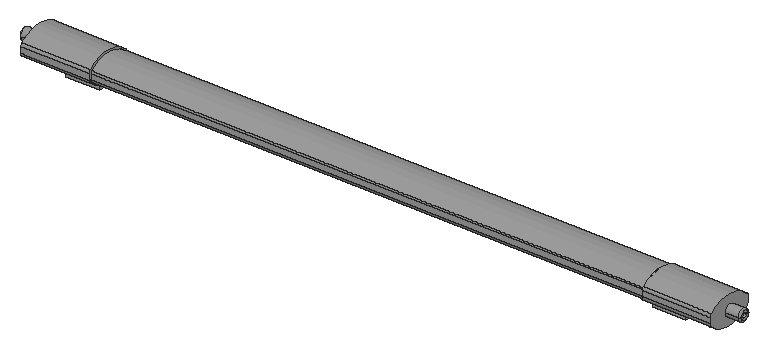
Revit family "0045152 Feilo Sylvania Lighting Fixture START BATTEN  IP65 42W 1200 3K", category Lighting Fixtures, host Face, Revit 2017
Family settings
  Host = Face
  Round Connector Dimension = Use Diameter
  Part Type = Normal
  OmniClass Number = 23.80.70.00
  OmniClass Title = Lighting
  Cut with Voids When Loaded = No
  Light Source = Yes
  Shared = No
  Room Calculation Point = No
Parameters (values of type "0045152 START BATTEN  IP65 42W 1200 3K")
  Weight = "13.176 kg"
  Wattage Comments = ""
  Wattage = 42 W
  WarrantyStartDate [instance] = "n/a"
  WarrantyGuarantorParts = "n/a"
  WarrantyDurationUnit = "n/a"
  WarrantyDurationParts = "n/a"
  WarrantyDescription = "n/a"
  built-in parameter 1150110 = 1 (stored number, unit not read)
  Voltage = 230 V
  URL = "http://www.sylvania-lighting.com"
  TypeName = "START BATTEN  IP65 42W 1200 3K"
  Type Image = <None>
  Type Comments = "n/a"
  built-in parameter 1114217 = 1 (stored number, unit not read)
  Tilt Angle = -90.00°
  built-in parameter 1150109 = 1 (stored number, unit not read)
  built-in parameter 1150134 = (empty or 0)
  built-in parameter 1150113 = 1 (stored number, unit not read)
  SerialNumber [instance] = "n/a"
  RadiusGlandOuter_FEILO = 10 mm
  RadiusGlandInner_FEILO = 5 mm
  RadiusBody_FEILO = 7 mm
  Photometric Web File = "0045152.ies"
  Material_3_FEILO = none
  PowerFactor = 0
  PowerConsumption = "42 W"
  NominalLength = 1200 mm
  NominalHeight = 53.6 mm
  NominalDepth = 80 mm
  Name = "START BATTEN  IP65 42W 1200 3K"
  ModelReference = Name  # "START BATTEN  IP65 42W 1200 3K"
  ModelNumber = "0045152"
  Model = Name  # "START BATTEN  IP65 42W 1200 3K"
  Material = "polycarbonate housing, pc diffuser"
  ManufacturerName = "Feilo Sylvania"
  Manufacturer = "Feilo Sylvania"
  LuminousEfficacy = "115 lm/W"
  built-in parameter 1150105 = 1293.8 (stored number, unit not read)
  Lumens = 4830 lm
  LuminaireType = ""
  built-in parameter 1150115 = 1 (stored number, unit not read)
  Long_FEILO = no
  LightOutputRatio = "100"
  built-in parameter 1150137 = (empty or 0)
  built-in parameter 1150139 = (empty or 0)
  LampsType = Lamp  # "LED"
  LampNominalLuminous = "4850 lm"
  LampMacAdamStep = "n/a"
  LampColourTemperature = "3000 K"
  LampColourRenderingIndex = "80"
  built-in parameter 1150112 = 1 (stored number, unit not read)
  built-in parameter 1150114 = 1 (stored number, unit not read)
  Lamp = "LED"
  L3_FEILO = if(Long_FEILO, 1378 mm, 1078 mm)  # 1078 mm
  L2_FEILO = if(Long_FEILO, 1500 mm, 1200 mm)  # 1200 mm
  L1_FEILO = if(Long_FEILO, 1553 mm, 1253 mm)  # 1253 mm
  Keynote = "16500"
  InstallationDate [instance] = "n/a"
  InputVoltage = "220-240V~"
  InputNominalFrequency = "50/60 Hz"
  built-in parameter 1150132 = (empty or 0)
  built-in parameter 1150102 = (empty or 0)
  built-in parameter 1150107 = 3000 (stored number, unit not read)
  built-in parameter 1150138 = (empty or 0)
  IngressProtection = "IP65"
  ImpactProtectionIndex = "IK08"
  built-in parameter 1150106 = 12.938 (stored number, unit not read)
  IfcExportType = "IfcLightFixtureType"
  IfcExportAs = "IfcLightFixtureType"
  ExpectedLife = 50000
  Emit from Rectangle Width = 40 mm
  Emit from Rectangle Length = L3_FEILO - 116 mm  # 962 mm
  Emit Shape Visible in Rendering = no
  ElectricShockClassification = "Class II"
  built-in parameter 1150104 = 10.684 (stored number, unit not read)
  DurationUnit = "hours"
  DocumentationLiterature = "http://www.sylvania-lighting.com/product/en-int/products/0045152"
  DimmingControlOptions = "n/a"
  Material_2_FEILO = Diffuser-Sylvania-StartBatten
  Dimming Lamp Color Temperature Shift = <None>
  Description = "The new upgraded Start Batten IP65 ( upgraded version of Batten LED LINK) is a versatile range of slimline LED waterproof luminaires that provide an ideal solution for interior and exterior applications such as workshops, garages and outdoor covered spaces. The  design allows the luminaire to be easily linked to another luminaire through an IP65 rated connector. The performance of the range  has been significantly improved ,  for example Start Twin Batten IP65 LED delivers  a performance of up to 6000lm (125lm/W). Available in 1200mm and 1500mm lengths (approx.) - the product can be a slimline replacement for single and twin 36W/58W fluorescent waterproof battens."
  Default Elevation = 1219.2 mm
  CreatedOn = "3/8/2018"
  CreatedBy = ""
  Cost = 0
  Color Filter = 16777215
  built-in parameter 1114216 [instance] = (empty or 0)
  ClassificationValue = "EF_70_80"
  ClassificationName = "Uniclass2015"
  Material_1_FEILO = Body-Sylvania-StartBatten
  BarCode [instance] = "n/a"
  built-in parameter 1114218 = 1 (stored number, unit not read)
  built-in parameter 1150133 = 10 (stored number, unit not read)
  AssetType = "Fixed"
  AssetIdentifier [instance] = "n/a"
  Assembly Code = "D5020200"
  Apparent Load = 42 VA
  Material_4_FEILO = none
Reference planes
  plane 1 "Center (Front/Back)": y = 0
  plane 2: z = 0
  plane 3 "Center (Left/Right)": x = 0
  plane 4: y = 40
  plane 5: y = -40
  plane 6: z = 54
  plane 7: z = 29.5
  plane 8: y = 18
  plane 9: y = -18
  plane 10: z = 37.5
  plane 11: z = 21.5
  plane 12: x = 539
  plane 13: x = -539
  plane 14: x = 600
  plane 15: x = -600
  plane 16: x = 626.5
  plane 17: x = -626.5
  plane 18: x = 481
  plane 19: x = -481
  plane 20: z = 5
  plane 21: y = 5
  plane 22: y = 10
Forms (mm)
  Extrusion 1, solid, material "Body-Sylvania-StartBatten" <- "Material_1_FEILO"
    sketch origin (481, 1524, 1219.2) x (0, 1, 0) y (0, 0, 1)
      loop
        arc (-1561.645, -1179.488) -> (-1563.384, -1181.854) -> (-1564, -1184.725) r 7
        line (-1564, -1184.725) -> (-1564, -1194.675)
        arc (-1564, -1194.675) -> (-1563.384, -1197.546) -> (-1561.645, -1199.912) r 7
        arc (-1561.645, -1199.912) -> (-1524, -1214.2) -> (-1486.355, -1199.912) r 56.735
        arc (-1486.355, -1199.912) -> (-1484.616, -1197.546) -> (-1484, -1194.675) r 7
        line (-1484, -1194.675) -> (-1484, -1184.725)
        arc (-1484, -1184.725) -> (-1484.616, -1181.854) -> (-1486.355, -1179.488) r 7
        arc (-1486.355, -1179.488) -> (-1524, -1165.2) -> (-1561.645, -1179.488) r 56.735
    from 0 to 119
  Extrusion 2, solid, material "Body-Sylvania-StartBatten" <- "Material_1_FEILO"
    sketch origin (-481, 1524, 1219.2) x (0, 1, 0) y (0, 0, 1)
      loop
        arc (-1486.355, -1179.488) -> (-1524, -1165.2) -> (-1561.645, -1179.488) r 56.735
        arc (-1561.645, -1179.488) -> (-1563.384, -1181.854) -> (-1564, -1184.725) r 7
        line (-1564, -1184.725) -> (-1564, -1194.675)
        arc (-1564, -1194.675) -> (-1563.384, -1197.546) -> (-1561.645, -1199.912) r 7
        arc (-1561.645, -1199.912) -> (-1524, -1214.2) -> (-1486.355, -1199.912) r 56.735
        arc (-1486.355, -1199.912) -> (-1484.616, -1197.546) -> (-1484, -1194.675) r 7
        line (-1484, -1194.675) -> (-1484, -1184.725)
        arc (-1484, -1184.725) -> (-1484.616, -1181.854) -> (-1486.355, -1179.488) r 7
    from -119 to 0
  Extrusion 3, solid, material "Diffuser-Sylvania-StartBatten" <- "Material_2_FEILO"
    sketch origin (0, 0, 0) x (0, 1, 0) y (0, 0, 1)
      loop
        arc (36.318, 38.216) -> (0, 52) -> (-36.318, 38.216) r 54.735
        arc (-36.318, 38.216) -> (-37.56, 36.526) -> (-38, 34.475) r 5
        line (-38, 34.475) -> (-38, 24.525)
        arc (-38, 24.525) -> (-37.56, 22.474) -> (-36.318, 20.784) r 5
        arc (-36.318, 20.784) -> (0, 7) -> (36.318, 20.784) r 54.735
        arc (36.318, 20.784) -> (37.56, 22.474) -> (38, 24.525) r 5
        line (38, 24.525) -> (38, 34.475)
        arc (38, 34.475) -> (37.56, 36.526) -> (36.318, 38.216) r 5
    from -481 to 481
  Extrusion 4, solid, material "Body-Sylvania-StartBatten" <- "Material_1_FEILO"
    sketch origin (539, 1524, 1219.2) x (0, 1, 0) y (0, 0, 1)
      loop
        line (-1506, -1219.2) -> (-1506, -1189.7) -> (-1542, -1189.7) -> (-1542, -1219.2) -> (-1506, -1219.2)
    from 0 to -58
  Extrusion 5, solid, material "Body-Sylvania-StartBatten" <- "Material_1_FEILO"
    sketch origin (-539, 1524, 1219.2) x (0, 1, 0) y (0, 0, 1)
      loop
        line (-1506, -1219.2) -> (-1506, -1189.7) -> (-1542, -1189.7) -> (-1542, -1219.2) -> (-1506, -1219.2)
    from 0 to 58
  Revolve 6, solid, material "Body-Sylvania-StartBatten" <- "Material_1_FEILO"
    sketch origin (0, 1219.2, 29.5) x (1, 0, 0) y (0, 1, 0)
      loop
        line (-600, -1219.2) -> (-600, -1209.2) -> (-624, -1209.2)
        arc (-624, -1209.2) -> (-625.768, -1209.932) -> (-626.5, -1211.7) r 2.5
        line (-626.5, -1211.7) -> (-626.5, -1214.2) -> (-616.5, -1214.2) -> (-616.5, -1219.2) -> (-600, -1219.2)
      loop
        line (600, -1219.2) -> (616.5, -1219.2) -> (616.5, -1214.2) -> (626.5, -1214.2) -> (626.5, -1211.7)
        arc (626.5, -1211.7) -> (625.768, -1209.932) -> (624, -1209.2) r 2.5
        line (624, -1209.2) -> (600, -1209.2) -> (600, -1219.2)
      axis (626.5, -1219.2) -> (-626.5, -1219.2)
    angle from 360 to 0
Cuts and joins
  joined: Extrusion 1, Extrusion 4
  joined: Extrusion 2, Extrusion 5
Lines and regions (mm)
  reference lines
    curve 1: circle (0, 0, 29.5) r 5 normal (1, 0, 0)
    curve 2: circle (0, 0, 29.5) r 10 normal (1, 0, 0)
    curve 3: arc (0, -40, 37.5) -> (0, 0, 54) -> (0, 40, 37.5) r 56.735
    curve 4: arc (0, -40, 21.5) -> (0, 0, 5) -> (0, 40, 21.5) r 56.735
Dimensions and locks
  equal spacing: plane 5, plane 1 "Center (Front/Back)", plane 4
  locked: plane 5 to plane 4 at 80
  locked: plane 6 to plane 2 at 54
  locked: plane 7 to plane 2 at 29.5
  equal spacing: plane 9, plane 1 "Center (Front/Back)", plane 8
  plane 9 to plane 1 "Center (Front/Back)" = 18 mm
  locked: plane 11 to plane 7 at 8
  locked: plane 7 to plane 10 at 8
  equal spacing: plane 13, plane 3 "Center (Left/Right)", plane 12
  "L3_FEILO": plane 13 to plane 12
  equal spacing: plane 15, plane 3 "Center (Left/Right)", plane 14
  "L2_FEILO": plane 15 to plane 14
  equal spacing: plane 17, plane 3 "Center (Left/Right)", plane 16
  "L1_FEILO": plane 17 to plane 16
  equal spacing: plane 19, plane 3 "Center (Left/Right)", plane 18
  locked: plane 13 to plane 19 at 58
  locked: plane 20 to plane 2 at 5
  locked: Extrusion 3 sketch curve to plane 6 at 2
  locked: plane 20 to Extrusion 3 sketch curve at 2
  locked: plane 5 to Extrusion 3 sketch curve at 2
  locked: Extrusion 3 sketch curve to plane 4 at 2
  "RadiusGlandInner_FEILO": plane 1 "Center (Front/Back)" to plane 21
  "RadiusGlandOuter_FEILO": plane 1 "Center (Front/Back)" to plane 22
  locked: plane 17 to Revolve 6 sketch curve at 10
  locked: Revolve 6 sketch curve to plane 16 at 10
  "RadiusGlandInner_FEILO": radius of curve 1
  "RadiusGlandOuter_FEILO": radius of curve 2
  "RadiusBody_FEILO": radius of Extrusion 1 sketch curve  (x4)
  aligned and locked: plane 2 to host face
  aligned and locked: level to host face
  aligned and locked: plane 5 to curve 3
  aligned and locked: plane 10 to curve 3  (x2)
  aligned and locked: plane 4 to curve 3
  aligned and locked: plane 4 to curve 4
  aligned and locked: plane 11 to curve 4  (x2)
  aligned and locked: plane 5 to curve 4
  aligned and locked: Extrusion 1 sketch curve to curve 3
  aligned and locked: Extrusion 1 sketch curve to curve 4
  aligned and locked: Extrusion 1 sketch curve to plane 4
  aligned and locked: Extrusion 1 sketch curve to plane 5
  aligned and locked: plane 14 to Extrusion 1
  aligned and locked: Extrusion 1 to plane 18
  aligned and locked: Extrusion 2 sketch curve to Extrusion 1  (x6)
  aligned and locked: Extrusion 2 to plane 15
  aligned and locked: plane 19 to Extrusion 2
  aligned and locked: Extrusion 3 to plane 19
  aligned and locked: plane 18 to Extrusion 3
  aligned and locked: level to Extrusion 4 sketch curve
  aligned and locked: plane 8 to Extrusion 4 sketch curve
  aligned and locked: plane 7 to Extrusion 4 sketch curve
  aligned and locked: Extrusion 4 sketch curve to plane 9
  aligned and locked: Extrusion 4 to plane 12
  aligned and locked: Extrusion 4 to plane 18
  aligned and locked: Extrusion 5 sketch curve to cut or joined group of Extrusion 1, Extrusion 4  (x2)
  aligned and locked: plane 7 to Extrusion 5 sketch curve
  aligned and locked: Extrusion 5 sketch curve to plane 9
  aligned and locked: plane 19 to Extrusion 5
  aligned and locked: Extrusion 5 to plane 13
  aligned and locked: plane 1 "Center (Front/Back)" to Revolve 6 sketch curve  (x4)
  aligned and locked: cut or joined group of Extrusion 2, Extrusion 5 to Revolve 6 sketch curve
  aligned and locked: plane 22 to Revolve 6 sketch curve
  aligned and locked: plane 17 to Revolve 6 sketch curve
  aligned and locked: Revolve 6 sketch curve to plane 21
  aligned and locked: Revolve 6 sketch curve to cut or joined group of Extrusion 1, Extrusion 4
  aligned and locked: Revolve 6 sketch curve to plane 22
  aligned and locked: plane 16 to Revolve 6 sketch curve
  aligned and locked: imposter light to plane 1 "Center (Front/Back)"
  aligned and locked: imposter light to plane 6
Automatic sketch dimensions
  host sketch curve to host sketch curve = 2438.4 mm  (x2)
  curve 1 to curve 2 = 0 mm  (x2)
  curve 2 to plane 1 "Center (Front/Back)" = 0 mm
  plane 7 to curve 2 = 0 mm
  curve 3 to level = 2.735 mm
  curve 4 to plane 6 = 7.735 mm
  Extrusion 1 sketch curve to plane 11 = 3.025 mm  (x2)
  Extrusion 1 sketch curve to plane 7 = 4.975 mm  (x2)
  Extrusion 3 sketch curve to plane 1 "Center (Front/Back)" = 0 mm  (x2)
  Extrusion 3 sketch curve to Extrusion 3 sketch curve = 5 mm  (x4)
  Extrusion 3 sketch curve to level = 2.735 mm
  Extrusion 3 sketch curve to plane 11 = 3.025 mm  (x2)
  plane 10 to Extrusion 3 sketch curve = 3.025 mm  (x2)
  Extrusion 3 sketch curve to plane 6 = 7.735 mm
  plane 21 to Revolve 6 sketch curve = 0 mm
  plane 17 to Revolve 6 sketch curve = 2.5 mm
  Revolve 6 sketch curve to plane 16 = 2.5 mm
  Revolve 6 sketch curve to plane 17 = 747.5 mm
  plane 16 to Revolve 6 sketch curve = 747.5 mm
Connectors
  electrical at (0, 0, 0), driven by "Apparent Load", driven by "PowerFactor", driven by "Voltage"
    settings: index 1, voltage 230 V, apparent load 42 VA, apparent load phase1 0 VA, apparent load phase2 0 VA, apparent load phase3 0 VA, power factor 0, load classification "Lighting", number of poles 1, system type 30, power factor state 1, is connector primary yes, connector utility no, sub classification motor no, connector description ""
